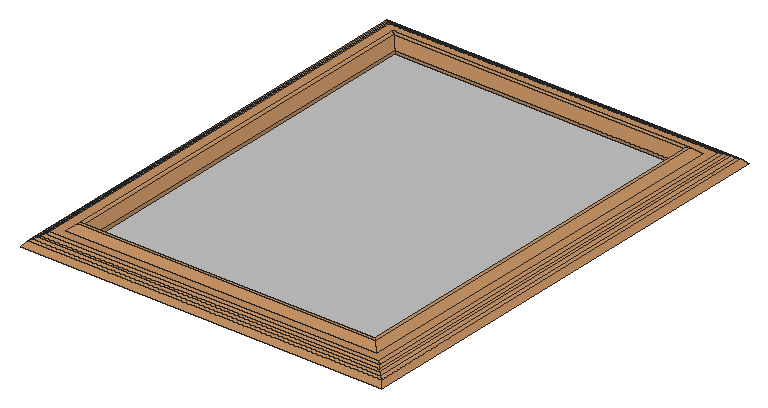
Revit family "4cff909f-02df-4cd1-a322-b8c992ae452f", category Furniture, host Face, Revit 2016
Family settings
  Host = Face
  OmniClass Number = 23.40.95.17.17
  OmniClass Title = Mirrors
  Cut with Voids When Loaded = No
  Shared = No
  Room Calculation Point = No
Parameters (values of type "18 x 24 Ligature Resistant Wood Framed Mirror")
  Width = 18"  # constant formula
  Unit Size = "22 5/8W x 28 5/8H"  # constant formula
  URL = "http://besafeprod.com/"
  Type Image = <None>
  Type Comments = ""
  Product data url = "https://bimobject.com/behavioralsafetyproducts/product/bsp-fm160"
  Product Page URL = "http://besafeprod.com/product-catalog/mirrors/item/ligature-resistant-stainless-steel-framed-mirror"
  Product Documentation Link = "http://besafeprod.com/images/pdfs/FM160Specs.PDF"
  Model = "FM160"  # constant formula
  Manufacturer = "Behavioral Safety Products"  # constant formula
  Keynote = ""
  Height = 24"  # constant formula
  Frame Finish = Wood-BSP-Cherry
  Description = "Ligature Resistant Wood Framed Mirror"  # constant formula
  Depth = 1 1/8"  # constant formula
  Default Elevation = 54"
  Assembly Code = ""
Reference planes (in)
  plane 1 "Center (Front/Back)": y = 9.3125
  plane 2: z = 0
  plane 3 "Center (Left/Right)": x = -9.5
  plane 4: x = -20.8125
  plane 5: x = 1.8125
  plane 6: y = -5
  plane 7: y = 23.625
Forms (in)
  Sweep 1, solid, material "Wood-BSP-Cherry" <- "Frame Finish", detail levels medium+fine
    path origin (0, 0, 0) x (1, 0, 0) y (0, 1, 0)
      loop
        line (-20.8125, 23.625) -> (-20.8125, -5) -> (1.8125, -5) -> (1.8125, 23.625) -> (-20.8125, 23.625)
    profile "Mirror_Frame-Profile : Mirror_Frame-Profile" origin (-9.5, 23.625, 0) x (0, 1, 0) y (0, 0, 1)
      loop
        line (0, 0) -> (-0.25, 0.3125) -> (-0.41399, 0.4034)
        arc (-0.41399, 0.4034) -> (-0.51102, 0.42173) -> (-0.57798, 0.4943) r 0.15721
        line (-0.57798, 0.4943) -> (-0.68731, 0.5549)
        arc (-0.68731, 0.5549) -> (-0.78434, 0.57323) -> (-0.8513, 0.64581) r 0.15721
        line (-0.8513, 0.64581) -> (-1.01529, 0.73671) -> (-1.57779, 0.73671) -> (-2.00232, 1.09293)
        arc (-2.00232, 1.09293) -> (-2.12273, 1.12128) -> (-2.21715, 1.04135) r 0.13742
        line (-2.21715, 1.04135) -> (-2.5, 0.375) -> (-2.5, 0.1875) -> (-2.25, 0.1875) -> (-2.25, 0) -> (0, 0)
  Extrusion 2, solid, material "Wood-BSP-Cherry" <- "Frame Finish", detail levels coarse
    sketch origin (0, 0, 0) x (1, 0, 0) y (0, 1, 0)
      loop
        line (-20.8125, 23.625) -> (-20.8125, -5) -> (1.8125, -5) -> (1.8125, 23.625) -> (-20.8125, 23.625)
      loop
        line (-18.3125, 21.125) -> (-18.3125, -2.5) -> (-0.6875, -2.5) -> (-0.6875, 21.125) -> (-18.3125, 21.125)
    from 0 to 1.125
  Extrusion 3, solid, material "Glass-BSP-Mirror"
    sketch origin (0, 0, 0) x (1, 0, 0) y (0, 1, 0)
      loop
        line (-18.5625, 21.375) -> (-18.5625, -2.75) -> (-0.4375, -2.75) -> (-0.4375, 21.375) -> (-18.5625, 21.375)
    from 0 to 0.1875
Lines and regions (in)
  Masking region 1, detail levels coarse+medium
    outline origin (0, 9.3125, 0) x (1, 0, 0) y (0, 0, 1)
      loop
        line (-20.8125, 0) -> (1.8125, 0) -> (1.8125, 1.125) -> (-20.8125, 1.125) -> (-20.8125, 0)
  Masking region 2, detail levels fine
    outline origin (0, 9.3125, 0) x (1, 0, 0) y (0, 0, 1)
      loop
        line (-20.5625, 0.3125) -> (-20.8125, 0) -> (1.8125, 0) -> (1.5625, 0.3125) -> (1.39851, 0.4034)
        arc (1.39851, 0.4034) -> (1.30148, 0.42173) -> (1.23452, 0.4943) r 0.15721
        line (1.23452, 0.4943) -> (1.12519, 0.5549)
        arc (1.12519, 0.5549) -> (1.02816, 0.57323) -> (0.9612, 0.64581) r 0.15721
        line (0.9612, 0.64581) -> (0.79721, 0.73671) -> (0.23471, 0.73671) -> (-0.18982, 1.09293)
        arc (-0.18982, 1.09293) -> (-0.31023, 1.12128) -> (-0.40465, 1.04135) r 0.13742
        line (-0.40465, 1.04135) -> (-0.53396, 0.73671) -> (-18.46604, 0.73671) -> (-18.59535, 1.04135)
        arc (-18.59535, 1.04135) -> (-18.68977, 1.12128) -> (-18.81018, 1.09293) r 0.13742
        line (-18.81018, 1.09293) -> (-19.23471, 0.73671) -> (-19.79721, 0.73671) -> (-19.9612, 0.64581)
        arc (-19.9612, 0.64581) -> (-20.02816, 0.57323) -> (-20.12519, 0.5549) r 0.15721
        line (-20.12519, 0.5549) -> (-20.23452, 0.4943)
        arc (-20.23452, 0.4943) -> (-20.30148, 0.42173) -> (-20.39851, 0.4034) r 0.15721
        line (-20.39851, 0.4034) -> (-20.5625, 0.3125)
Dimensions and locks (in)
  equal spacing: plane 7, plane 1 "Center (Front/Back)", plane 6
  locked: plane 7 to plane 6 at 28.625
  equal spacing: plane 4, plane 3 "Center (Left/Right)", plane 5
  locked: plane 4 to plane 5 at 22.625
  "Depth": Extrusion 2 to Extrusion 2
  aligned and locked: plane 2 to host face
  aligned and locked: level to host face
  aligned and locked: Sweep 1 sketch curve to plane 7
  aligned and locked: plane 4 to Sweep 1 sketch curve
  aligned and locked: plane 6 to Sweep 1 sketch curve
  aligned and locked: Sweep 1 sketch curve to plane 5
  aligned and locked: Extrusion 2 sketch curve to Sweep 1  (x6)
  aligned and locked: plane 6 to Extrusion 2 sketch curve
  aligned and locked: Extrusion 2 sketch curve to plane 5
  aligned and locked: Extrusion 3 sketch curve to Sweep 1  (x4)
  aligned and locked: Extrusion 3 to Sweep 1
  aligned and locked: Masking region 1 sketch curve to Sweep 1
  aligned and locked: Masking region 1 sketch curve to Extrusion 2  (x3)
  aligned and locked: Masking region 2 sketch curve to Sweep 1  (x16)
  aligned and locked: Sweep 1 to Masking region 2 sketch curve  (x3)
  aligned and locked: host face to Masking region 2 sketch curve
  aligned and locked: Extrusion 3 to level
Automatic sketch dimensions
  host sketch curve to host sketch curve = 96"  (x2)
  Masking region 2 sketch curve to Masking region 2 sketch curve = 0.1265"
  Masking region 2 sketch curve to Masking region 2 sketch curve = 0.42453"
  level to Masking region 2 sketch curve = 1.04135"
  Masking region 2 sketch curve to Masking region 2 sketch curve = 0.08833"
  Masking region 2 sketch curve to Masking region 2 sketch curve = 0.12931"
  Masking region 2 sketch curve to Masking region 2 sketch curve = 0.35622"
